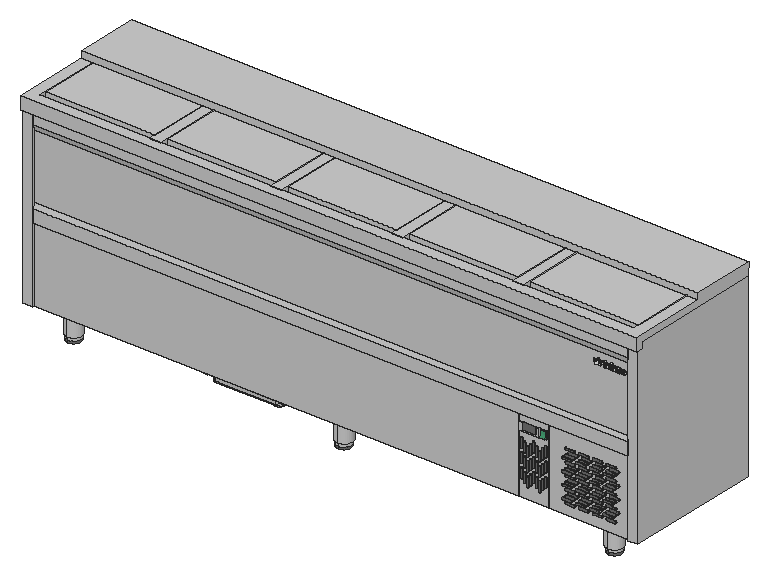
Revit family "QF_INFRICO_EB2500II_250806022218", category Specialty Equipment, Revit 2021 (continued)
Definition of nested family "QF_INFRICO_EB2500II_2920"
  Forms (mm)
    Revolve 51, solid
      sketch origin (1214.5, -432.5, 97) x (0, 1, 0) y (0, 0, -1)
        axis (-40.5, 88) -> (-40.5, 0)
      angle from 0 to 360
    Extrusion 52, solid
      sketch origin (1214.5, -432.5, 153.077) x (-1, 0, 0) y (0, -1, 0)
        loop
          circle (0, 40.5) r 28
      from -153.077 to -144.077
    Extrusion 53, solid
      sketch origin (2428, 0, -15) x (0, 1, 0) y (0, 0, -1)
        loop
          line (-247, -855) -> (-247, -830) -> (-510, -830) -> (-510, -832) -> (-482, -832) -> (-482, -855) -> (-247, -855)
      from 44 to 475
    Extrusion 54, solid
      sketch origin (1428, 0, -15) x (1, 0, 0) y (0, 1, 0)
        loop
          line (480, -247) -> (480, -510) -> (524, -510) -> (524, -247) -> (480, -247)
      from 830 to 855
  Cuts and joins
    joined: Extrusion 1, Extrusion 2, Extrusion 3, Extrusion 4, Extrusion 6, Extrusion 7, Extrusion 8, Extrusion 14
    joined: Extrusion 5, Extrusion 15, Extrusion 42, Extrusion 43, Extrusion 45, Extrusion 53
  Lines and regions (mm)
    symbolic lines
      curve 1: line (0, 0, 0) -> (2429, 0, 0)
      curve 2: line (0, -550, 0) -> (0, 0, 0)
      curve 3: line (2429, -550, 0) -> (0, -550, 0)
      curve 4: line (2429, 0, 0) -> (2429, -550, 0)
      curve 5: line (0, -247, 0) -> (2429, -247, 0)
      curve 6: line (2429, -510, 0) -> (0, -510, 0)
      curve 7: line (44, -510, 0) -> (44, -247, 0)
      curve 8: line (1908, -247, 0) -> (1908, -510, 0)
      curve 9: line (999, -482, 0) -> (1430, -482, 0)
      curve 10: line (954, -247, 0) -> (954, -510, 0)
      curve 11: line (998, -510, 0) -> (998, -247, 0)
      curve 12: line (999, -247, 0) -> (999, -482, 0)
      curve 13: line (476, -482, 0) -> (476, -247, 0)
      curve 14: line (45, -247, 0) -> (45, -482, 0)
      curve 15: line (1430, -482, 0) -> (1430, -247, 0)
      curve 16: line (45, -482, 0) -> (476, -482, 0)
      curve 17: line (522, -482, 0) -> (953, -482, 0)
      curve 18: line (477, -247, 0) -> (477, -510, 0)
      curve 19: line (521, -510, 0) -> (521, -247, 0)
      curve 20: line (522, -247, 0) -> (522, -482, 0)
      curve 21: line (953, -482, 0) -> (953, -247, 0)
      curve 22: line (1476, -482, 0) -> (1907, -482, 0)
      curve 23: line (1431, -247, 0) -> (1431, -510, 0)
      curve 24: line (1475, -510, 0) -> (1475, -247, 0)
      curve 25: line (1476, -247, 0) -> (1476, -482, 0)
      curve 26: line (1907, -482, 0) -> (1907, -247, 0)
      curve 27: line (1953, -482, 0) -> (2384, -482, 0)
      curve 28: line (1952, -510, 0) -> (1952, -247, 0)
      curve 29: line (1953, -247, 0) -> (1953, -482, 0)
      curve 30: line (2384, -482, 0) -> (2384, -247, 0)
      curve 31: line (2385, -510, 0) -> (2385, -247, 0)
  Dimensions and locks
    plane 1 "Back" to plane 5 "Front" = 550 mm  (x2)
    plane 3 "Left" to plane 4 "Right" = 2429 mm
    plane 6 "Top" to level = 865 mm  (x2)
    plane 4 "Right" to plane 3 "Left" = 2429 mm
    aligned and locked: level to plane 2
Definition of nested family "CONN_POINT_DRAIN_2D___Generic_Annotation"
  Parameters (values of type "CONN_POINT_DRAIN_2D___Generic_Annotation")
    Onboard connection annotation symbol visibility [instance] = yes
  Reference planes
    plane 1: y = 0
    plane 2: x = 0
  Lines and regions (mm)
    detail lines, visible <- "Onboard connection annotation symbol visibility"
      curve 1: circle (0, 0, 0) r 0.5 normal (0, 0, 1)
      curve 2: line (-1, 0, 0) -> (1, 0, 0)
      curve 3: line (0, 1, 0) -> (0, -1, 0)
      curve 4: line (1.776, 1, 0) -> (1.25, 1, 0)
      curve 5: line (1.25, 1, 0) -> (1.25, -1, 0)
      curve 6: line (1.25, -1, 0) -> (1.776, -1, 0)
      curve 7: arc (2.206, -0.862, 0) -> (2.459, -0.589, 0) -> (2.583, -0.238, 0) r 0.918
      curve 8: arc (2.583, 0.238, 0) -> (2.459, 0.589, 0) -> (2.206, 0.862, 0) r 0.918
      curve 9: arc (2.583, -0.238, 0) -> (2.599, 0, 0) -> (2.583, 0.238, 0) r 1.77
      curve 10: arc (2.206, 0.862, 0) -> (2.002, 0.965, 0) -> (1.776, 1, 0) r 0.741
      curve 11: arc (1.776, -1, 0) -> (2.002, -0.965, 0) -> (2.206, -0.862, 0) r 0.741
Definition of nested family "CONN_POINT_ELE_2D___Generic_Annotation"
  Parameters (values of type "CONN_POINT_ELE_2D___Generic_Annotation")
    Onboard connection annotation symbol visibility [instance] = yes
  Reference planes
    plane 1: y = 0
    plane 2: x = 0
  Lines and regions (mm)
    detail lines, visible <- "Onboard connection annotation symbol visibility"
      curve 1: circle (0, 0, 0) r 0.5 normal (0, 0, 1)
      curve 2: line (-1, 0, 0) -> (1, 0, 0)
      curve 3: line (0, 1, 0) -> (0, -1, 0)
      curve 4: line (2.5, 1, 0) -> (1.25, 1, 0)
      curve 5: line (1.25, 1, 0) -> (1.25, -1, 0)
      curve 6: line (1.25, -1, 0) -> (2.5, -1, 0)
      curve 7: line (1.25, 0, 0) -> (2, 0, 0)
